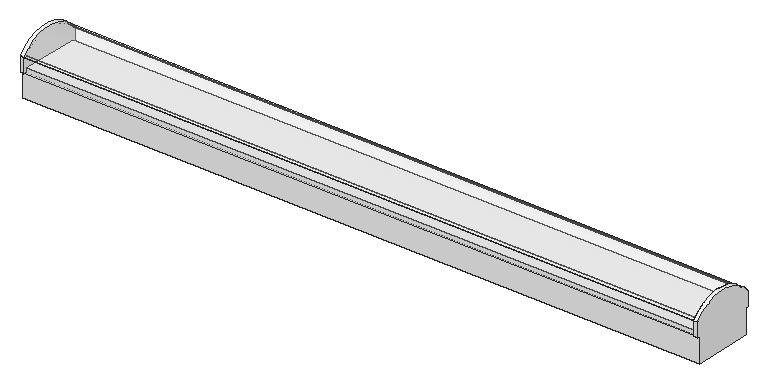
Revit family "SCST", category Lighting Fixtures, host Face, Revit 2014
Parameters (values of type "SCST")
  Warranty = "5 Year Limited Warranty"  # constant formula
  Product Page Link = "https://www.hubbell.com/hubbelllightingci/en/Products/Lighting-Controls/Commercial-Indoor-Lighting/Surface-Linear/SCST/p/3563124"
  Product Documentation Link = "https://hubbellcdn.com/specsheet/HLI_SCST_spec.pdf"
  Wattage = 96 W
  built-in parameter 1150110 = 1 (stored number, unit not read)
  Voltage = 120 V
  Wattage Comments = "Up to 110 lumens per watt"
  URL = "https://www.hubbell.com/hubbelllightingci/en/"
  built-in parameter 1114217 = 1 (stored number, unit not read)
  Tilt Angle = -90.00°
  built-in parameter 1150109 = 1 (stored number, unit not read)
  built-in parameter 1150134 = 12
  built-in parameter 1150113 = 1 (stored number, unit not read)
  Photometric Web File = "generic.ies"
  Nominal Watts = 96 W
  Model = "SCST"  # constant formula
  Manufacturer = "Hubbell Lighting"  # constant formula
  Row Length = 48"
  built-in parameter 1150105 = 802.14 (stored number, unit not read)
  Lumens = 10080 lm
  built-in parameter 1150115 = 1 (stored number, unit not read)
  built-in parameter 1150137 = (empty or 0)
  built-in parameter 1150139 = (empty or 0)
  built-in parameter 1150112 = 1 (stored number, unit not read)
  built-in parameter 1150114 = 1 (stored number, unit not read)
  Lamp = "LED Lamp"
  built-in parameter 1150132 = (empty or 0)
  built-in parameter 1150102 = (empty or 0)
  built-in parameter 1150107 = 4000 (stored number, unit not read)
  built-in parameter 1150138 = (empty or 0)
  built-in parameter 1150106 = 8.0214 (stored number, unit not read)
  Glass = White Glass
  Emit from Rectangle Width = 4 1/8"  # constant formula
  Emit from Rectangle Length = Row Length - 1/2"  # 47 1/2"
  Emit Shape Visible in Rendering = no
  built-in parameter 1150104 = 9.7548 (stored number, unit not read)
  Dimming Lamp Color Temperature Shift = <None>
  Description = "LENSED STRIPLIGHT WITH SPECTRACLEAN™ ANTIMICROBIAL LIGHTING"  # constant formula
  Default Elevation = 48"
  Contact us = "https://www.hubbell.com/hubbelllightingci/en/contactUs"
  Color Filter = 16777215
  built-in parameter 1114218 = 1 (stored number, unit not read)
  Backbox = White
  built-in parameter 1150133 = 10 (stored number, unit not read)
  Apparent Load = 0 VA
Reference planes (in)
  plane 1 "Center (Front/Back)": y = 0.03999
  plane 2: z = 0
  plane 3 "Center (Left/Right)": x = 1.66944
  plane 4: x = -22.33056
  plane 5: x = 25.66944
Dimensions and locks (in)
  equal spacing: plane 5, plane 3 "Center (Left/Right)", plane 4
  "Row Length": plane 5 to plane 4
  aligned and locked: plane 2 to host face
  aligned and locked: level to host face
  aligned and locked: plane 3 "Center (Left/Right)" to imposter light
  aligned and locked: imposter light to plane 1 "Center (Front/Back)"
  aligned and locked: plane 3 "Center (Left/Right)" to nested 1
  aligned and locked: plane 1 "Center (Front/Back)" to nested 1
Automatic sketch dimensions
  host sketch curve to host sketch curve = 96"  (x2)
Nested families (in)
  nested 1: "LED Striplight" at (3.71711, 0, 0), Glass <- "Glass", Backbox <- "Backbox", Row Length <- "Row Length", type "LED Striplight"
    with Row Length 48", Glass White Glass, Backbox White
Connectors (in)
  electrical at (1.66944, 0.03999, 0)
    settings: on nested 1, index 1, voltage 120 V, apparent load 50 VA, apparent load phase1 0 VA, apparent load phase2 0 VA, apparent load phase3 0 VA, power factor 1, load classification "Other", number of poles 1, system type 30, power factor state 1, is connector primary yes, connector utility no, sub classification motor no, connector description "Lighting Connector"
Definition of nested family "LED Striplight"
  Parameters (values of type "LED Striplight")
    Wattage Comments = ""
    URL = ""
    Row Length [instance] = 96"
    Product Page URL = ""
    Product Documentation Link = ""
    Model = ""
    Manufacturer Phone = "(864)-678-1000"  # constant formula
    Manufacturer Fax = "(866)-898-1065"  # constant formula
    Manufacturer = ""
    Lamp = ""
    Glass [instance] = White Glass
    Description = ""
    Default Elevation = 48"
    Backbox [instance] = White
  Reference planes (in)
    plane 1 "Center (Front/Back)": y = 0.03999
    plane 2: z = 0
    plane 3 "Center (Left/Right)": x = -2.04767
    plane 4: x = -50.04767
    plane 5: x = 45.95233
    plane 6: x = -49.79767
    plane 7: x = 45.70233
    plane 8: z = 3.8125
    plane 9: y = 2.10249
    plane 10: y = -2.02251
    plane 11: y = 2.28999
    plane 12: y = -2.21001
    plane 13: z = 1.75
    plane 14: z = 2
  Forms (in)
    Extrusion 1, solid
      sketch origin (0, 0, 0.06357) x (1, 0, 0) y (0, 1, 0)
        loop
          line (-48, 48) -> (-48, -48) -> (48, -48) -> (48, 48) -> (-48, 48)
      from -0.06357 to -17.74365
    Extrusion 2, solid, material "White" <- "Backbox"
      sketch origin (-2.04767, 0, 0) x (0, 1, 0) y (0, 0, 1)
        loop
          line (2.28999, 1.75) -> (2.28999, 2.75)
          arc (2.28999, 2.75) -> (0.03999, 3.8125) -> (-2.21001, 2.75) r 2.9136
          line (-2.21001, 2.75) -> (-2.21001, 1.75) -> (-2.02251, 1.75) -> (-2.02251, 0) -> (2.10249, 0) -> (2.10249, 1.75) -> (2.28999, 1.75)
      from 47.75 to 48
    Extrusion 3, solid, material "White" <- "Backbox"
      sketch origin (-2.04767, 0, 0) x (0, 1, 0) y (0, 0, 1)
        loop
          line (-2.21001, 2.75) -> (-2.21001, 1.75) -> (-2.02251, 1.75) -> (-2.02251, 0) -> (2.10249, 0) -> (2.10249, 1.75) -> (2.28999, 1.75) -> (2.28999, 2.75)
          arc (2.28999, 2.75) -> (0.03999, 3.8125) -> (-2.21001, 2.75) r 2.9136
      from -48 to -47.75
    Extrusion 4, solid, material "White" <- "Backbox"
      sketch origin (-2.04767, 0, 0) x (0, 1, 0) y (0, 0, 1)
        loop
          line (2.10249, 2) -> (-2.02251, 2) -> (-2.02251, 0) -> (2.10249, 0) -> (2.10249, 2)
      from -47.75 to 47.75
    Extrusion 5, solid, material "White Glass" <- "Glass"
      sketch origin (-2.04767, 0, 0) x (0, 1, 0) y (0, 0, 1)
        loop
          line (2.10249, 1.75) -> (2.28999, 1.75) -> (2.28999, 2.75)
          arc (2.28999, 2.75) -> (0.03999, 3.8125) -> (-2.21001, 2.75) r 2.9136
          line (-2.21001, 2.75) -> (-2.21001, 1.75) -> (-2.02251, 1.75) -> (-2.02251, 2.81265)
          arc (-2.02251, 2.81265) -> (0.03999, 3.7125) -> (2.10249, 2.81265) r 2.8136
          line (2.10249, 2.81265) -> (2.10249, 1.75)
      from -47.75 to 47.75
  Cuts and joins
    joined: Extrusion 2, Extrusion 3, Extrusion 4
  Dimensions and locks (in)
    equal spacing: plane 5, plane 3 "Center (Left/Right)", plane 4
    locked: plane 6 to plane 4 at 0.25
    "Row Length": plane 5 to plane 4
    equal spacing: plane 7, plane 3 "Center (Left/Right)", plane 6
    locked: plane 8 to plane 2 at 3.8125
    equal spacing: plane 9, plane 1 "Center (Front/Back)", plane 10
    locked: plane 9 to plane 10 at 4.125
    equal spacing: plane 11, plane 1 "Center (Front/Back)", plane 12
    plane 11 to plane 12 = 4 1/2"
    locked: plane 11 to plane 1 "Center (Front/Back)" at 2.25
    locked: plane 13 to plane 2 at 1.75
    locked: plane 14 to plane 2 at 2
    locked: Extrusion 2 sketch curve to Extrusion 1 at 2.75  (x2)
    radius of Extrusion 5 sketch curve = 2.8136"
    aligned and locked: plane 2 to Extrusion 1
    aligned and locked: level to Extrusion 1
    aligned and locked: Extrusion 2 sketch curve to plane 2
    aligned and locked: Extrusion 2 sketch curve to plane 9
    aligned and locked: Extrusion 2 sketch curve to plane 13  (x2)
    aligned and locked: Extrusion 2 sketch curve to plane 11
    aligned and locked: plane 12 to Extrusion 2 sketch curve
    aligned and locked: plane 10 to Extrusion 2 sketch curve
    aligned and locked: plane 5 to Extrusion 2
    aligned and locked: Extrusion 2 to plane 7
    aligned and locked: Extrusion 3 sketch curve to Extrusion 2  (x8)
    aligned and locked: Extrusion 3 to plane 4
    aligned and locked: plane 6 to Extrusion 3
    aligned and locked: plane 14 to Extrusion 4 sketch curve
    aligned and locked: Extrusion 4 sketch curve to plane 9
    aligned and locked: Extrusion 4 sketch curve to Extrusion 2  (x2)
    aligned and locked: Extrusion 4 to plane 6
    aligned and locked: plane 7 to Extrusion 4
    aligned and locked: Extrusion 5 sketch curve to Extrusion 3
    aligned and locked: plane 7 to Extrusion 5
    aligned and locked: Extrusion 5 to plane 6
  Automatic sketch dimensions
    Extrusion 1 sketch curve to Extrusion 1 sketch curve = 96"  (x2)
    Extrusion 2 sketch curve to plane 13 = 0.8511"
    Extrusion 5 sketch curve to plane 9 = 0"
    Extrusion 5 sketch curve to plane 13 = 0"  (x2)
    Extrusion 5 sketch curve to plane 12 = 0"
    Extrusion 5 sketch curve to plane 11 = 0"
    Extrusion 5 sketch curve to plane 10 = 0"
    Extrusion 5 sketch curve to Extrusion 5 sketch curve = 0"  (x2)
